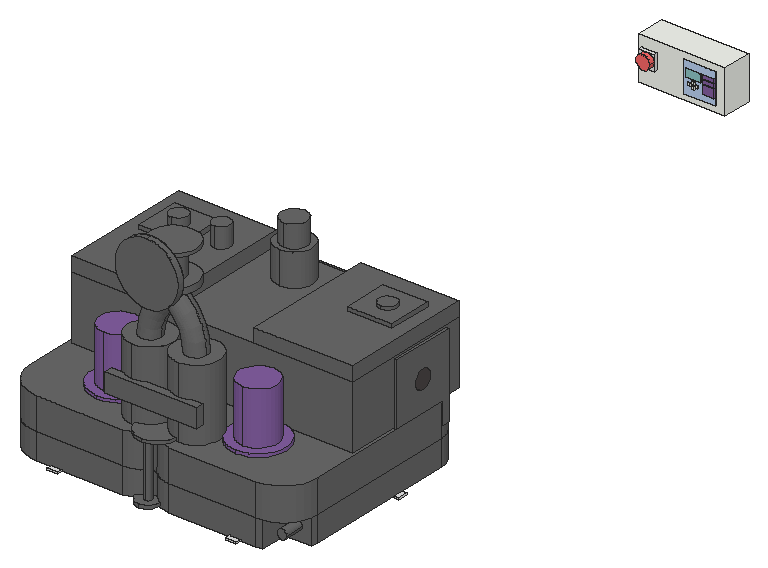
Revit family "11083", category Generic Models, Revit 2021
Family settings
  Can host rebar = No
  Round Connector Dimension = Use Diameter
  Part Type = Normal
  Work Plane-Based = No
  Always vertical = Yes
  Cut with Voids When Loaded = No
  Shared = Yes
  Room Calculation Point = No
Parameters (values of type "11083")
  SUPPLIER = "KESSEL"
  SA700ID49 = "Protection Class I"
  SA700ID48 = "no"
  SA700ID47 = "no"
  SA700ID46 = "yes"
  SA700ID37 = 28000 mm
  SA700ID34 = 60
  SA700ID33 = 5.7 W
  SA700ID32 = 228.88 kg
  SA700ID31 = 1
  SA700ID30 = 2
  SA700ID29 = "GLRD"
  SA700ID21 = 2800
  SA700ID10 = "yes"
  SA700ID08 = 400 V
  PROCUREWEBLINK = "https://p.caden.as/kessel/11083"
  PROCURELINK = "p.caden.as/kessel/11083"
  PROCUREDATALASTUPDATE = "2024-05-22T12:17:57.229003641+01:00"
  PREVIEW = "../../bilder/ksb_w_11083.png"
  PRC_SPECIFICATIONLINK = "https://ausschreiben.de/catalog/kessel/catalogItem/d4e334e6-ecf2-4788-b173-9f2cda982e19"
  NN = "Lifting station Aqualift F XL"
  NBSYN = "$SA810ID03."
  NB = "11083"
  Model = "11083"
  Manufacturer = "KESSEL"
  MIdent = "{$CADENAS_DATA/23d-libs/kessel/kessel_vdi_import/4/entwaesserung/hebeanlage20aqualift20f20xl.prj},201 {STYP=ASS},{VTYP=3D},{NB=11083},{LINA=11083},{NN=Lifting station Aqualift F XL},{DATE=21.11.2022 10:48:11},{GEOMDATE=21.11.2022 10:48:11},{VERSION=},{LINEID=130},{WBVAR=LODLEVEL},{WBNUMERIC=LODLEVEL}  {NB=11083},{LINA=11083},{KT=DUMMY},{PREVIEW=../../bilder/ksb_w_11083.png},{SA700ID04=Hebeanlage Aqualift F XL 450 l, Duo, SPF 5500- S3, Gussschieber},{SA810ID06=04026092057506},{SA700ID34=60.00},{SA010ID03=201805},{SA810ID03=11083},{SA810ID10=Aqualift F XL 5500W-S3 Duo 450L m.S.G.KESSEL Aqualift F XL Hebeanlage für fäkalienhaltiges und fäkalienfreies Abwasser. Zur Aufstellung in frostgeschützten Räumen.Duoanlage mit zwei Pumpen des Typs SPF 5500-S3 Sammelbehälter aus Polyethylen, mit verschraubter Reinigungsöffnung,Anschlussstutzen für Zulauf von oben DN100/150.Inklusive Tauchrohr zur pneumatischen Niveauerfassung,Entlüftungsanschluss DN 70 und Anschluss für eine Handmembranpumpe DN 32.Behälter inklusive Haltewinkel zur Auftriebssicherung.Behältervolumen 450 Liter, max. Nutzvolumen bei Zulauf von oben ca. 250 Liter.Zwei seitliche und drei rückseitige Anbohrflächen zur Montage weiterer Zuläufe bis DN 200 unter Verwendung von Durchgangsdichtungen.Inklusive KESSEL Schaltgerät Aqualift Comfort 400 V.Anwenderfreundliche Menüführung im mehrzeiligem Display. MitSelbstdiagnosesystem (SDS) und Erinnerungsfunktion für nächste Wartung.Anzeige der aktuellen Messwerte. Einfache Einstellung derfunktionsrelevanten Parameter, inklusive Betriebsstundenzähler und potentialfreiem Kontakt. Optionale Weiterleitung von Alarm- und Sammelstörmeldung über GSM Schnittstelle.Schaltgerät mit Volltextanzeige in sechs Sprachen.Abwasserpumpe(n) mit Freistromrad zur Förderung von fäkalienfreiem und fäkalienhaltigem Abwasser gemäß DIN EN 12050-1. Freier Kugeldurchgang mindestens 40 mm. Pumpe(n) überflutungssicher.Inklusive Rückflussverhinderer, mit Druckabgang aus Grauguss DN 80. nach DIN 2501. Inklusive einem Absperrschieber.Pumpe(n) Typ SPF 5500-S3Fördermenge: max. 60 m³/hFörderhöhe: max. 28 mNennleistung (P2): 4,7 KW je PumpeAufnahmeleistung (P1):  5,7 KW je PumpeBetriebsspannung: 400 V DSNennfrequenz: 50 HzNennstrom: 9,1 AAbsicherung: 3 x 40 A trägeSchutzart (Pumpe): IP68 3mWS/48hSchutzart (Schaltgerät): IP 65Bertiebsart: S3 (30 % Einschaltdauer)Kabellänge: 5 mAußenmaße Anlage mit 450 Liter Behälter (BxTxH): 1260 x 960 x 770 mmGewicht ca. 228,88 kg},{SA700ID37=28.00},{SA700ID33=5.70},{SA700ID08=400},{SA700ID30=2},{SA700ID32=228.88},{SA700ID49=Schutzklasse I},{SA700ID50=intern},{SA200ID03=6},{SA250ID03=vertikal},{SA260ID03=Trockenläuferpumpe},{SA350ID03=normalansaugend},{SA400ID03=E-Motor für Drehstrom},{SA460ID03=direkt},{SA500ID03=Kunststoff, Edelstahl},{SA700ID06=80},{SA700ID07=100},{SA700ID09=3/N/PE 400V},{SA700ID10=Ja},{SA700ID11=50},{SA700ID12=IP 68},{SA700ID13=F},{SA700ID15=40},{SA700ID21=2800.00},{SA700ID22=4.80},{SA700ID23=2800},{SA700ID24=2800},{SA700ID26=9.10},{SA700ID27=68.00},{SA700ID28=durchgehend},{SA700ID29=GLRD},{SA700ID31=1},{SA700ID46=ja},{SA700ID47=nein},{SA700ID48=nein},{SA110ID04=Hebeanlage Aqualift F XL},{SA300ID03=einstufig},{SA700ID44=10.00},{SA700ID45=10.00},{SA010ID04=KESSEL AG},{LODLEVEL=200},{LINK=https://www.kessel.de/info?han=11083},{SA970ID01=970},{SA970ID02=7205},{SA970ID03=11083},{SA970ID04=11002617},{SA970ID05=QUAD},{SA970ID06=-655.51},{SA970ID07=-850.01},{SA970ID08=0},{SA970ID09=1},{SA970ID10=0},{SA970ID11=0},{SA970ID12=0},{SA970ID13=1},{SA970ID14=0},{SA970ID15=1311.02},{SA970ID16=1000.01},{SA970ID17=1037.75},{LODLEVEL_=200,'Low'},{LODLEVEL_DEU=200,'Low'},{LINK_=https://www.kessel.de/info?han=11083},{LINK_DEU=https://www.kessel.de/info?han=11083},{LODLEVEL_3DB=11083_200},{DNIN1=100},{DNIN2=70},{DNIN4=10},{DNIN5=10},{DNIN6=50},{DNIN7=50},{DNIN8=50},{DNIN9=50},{DNOUT1=32},{DNOUT2=100},{DNOUT3=70},{ISD1=96},{ISD2=10},{ISDOUT1=40},{ISDOUT2=85},{ISDOUT3=65},{SA010ID01=010},{SA010ID02=4},{SA010ID06=www.kessel.de},{SA010ID07=www.kessel.de},{SA010ID12=20180713},{SA010ID13=DEU},{SA010ID14=DE},{SA100ID01=100},{SA100ID02=4},{SA100ID04=Entwässerung},{SA110ID01=110},{SA110ID02=6},{SA200ID01=200},{SA200ID02=6},{SA250ID01=250},{SA250ID02=2},{SA260ID01=260},{SA260ID02=2},{SA300ID01=300},{SA300ID02=1},{SA350ID01=350},{SA350ID02=1},{SA400ID01=400},{SA400ID02=2},{SA460ID01=460},{SA460ID02=1},{SA500ID01=500},{SA500ID02=1},{SA700ID01=700},{SA700ID02=65},{SA700ID10_=1},{SA700ID16=0},{SA700ID25=0},{SA700ID46_=1},{SA700ID47_=0},{SA700ID48_=0},{SA700ID49_=1},{SA700ID50_=2},{SA800ID01=800},{SA800ID02=29},{SA810ID01=810},{SA810ID02=65},{SA810ID04=11083},{SA810ID07=65},{SA810ID09=1},{SA810ID14=PCE},{SA810ID15=1},{SA810ID16=NMP},{SA960ID03=65},{SA960ID04=3L},{SA960ID08=https://www.kessel.de/info?han=11083},{SA010ID08=4026092000007},{SA100ID05=Hebeanlage},{SA110ID06=Hebeanlage}"
  LINK = "https://www.kessel.de/info?han=11083"
  LINA = "11083"
  Default Elevation = 0 mm
  CREATOR = "CADENAS GmbH"
  CATALOG = "KESSEL"
  BOMINFO = "LINA"
  ARTICLENO = "NB"
  4.810.00.9 Order quantity (multiplicator) = "1"
  4.810.00.7 Media- connection number = "65"
  4.810.00.6 GTIN number = "04026092057506"
  4.810.00.4 DATANORM number = "11083"
  4.810.00.3 Producer order number = "11083"
  4.710.03.7 Mass (net) = 228.88 kg
  4.710.03.6 Height = 1027 mm
  4.710.03.5 Width = 1089 mm
  4.710.03.4 Length = 1260 mm
  4.710.03.3 Type of dimensions = "2"
  4.710.02.8 Area of application of wastewater pump = "1"
  4.710.02.7 Art des S2/S3-Betriebs = "30 %"
  4.710.02.6 Duty type = "S3"
  4.710.02.5 Cutting device = "0"
  4.710.02.4 Attached pump control = "1"
  4.710.02.3 Free passage = 40 mm
  4.710.01.6 Option to connect to building automation = "40"
  4.710.01.5 Load regulation = "0"
  4.710.01.4 Designation of closed-loop control = "250"
  4.710.01.3 Identifier for closed-loop control = "450"
  4.700.00.9 Voltage = 0
  4.700.00.8 Nominal connection size on suction side = "100"
  4.700.00.7 Nominal connection size on pressure side = "100"
  4.700.00.6 Type of connection = "80"
  4.700.00.4 Product indentification = "Hebeanlage Aqualift F XL 450 l, Duo, SPF 5500- S3, Gussschieber"
  4.700.00.28 Motor pump shaft = "durchgehend"
  4.700.00.27 Starting current = 68
  4.700.00.26 Maximum power consumption per pump / drive = 9.1
  4.700.00.25 Minimum speed at internal speed adjustment = 0
  4.700.00.24 Nominal speed / maximum speed n = 46.6667
  4.700.00.23 Nominal speed of motor = 46.6667
  4.700.00.22 Maximum shaft output (P2) per pump/drive = 4.8 W
  4.700.00.16 Maximum temperature of pumped medium = 0 °C
  4.700.00.15 Increased safety class = "40 °C"
  4.700.00.13 Type of protection = "F"
  4.700.00.12 Frequency = 0
  4.700.00.11 Stern-/Dreieck-Anlaufschaltung bei Dreiphasenanschluss oder Drehstrom = "50 Hz"
  4.700.00.10 Phase = "1"
  4.500.00.3 Variant / Variant type / Accessories-name = "Kunststoff, Edelstahl"
  4.460.00.3 Variant / Variant type / Accessories-name = "direkt"
  4.400.00.3 Variant / Variant type / Accessories-name = "E-Motor für Drehstrom"
  4.350.00.3 Variant / Variant type / Accessories-name = "normalansaugend"
  4.300.00.3 Variant / Variant type / Accessories-name = "einstufig"
  4.260.00.3 Variant / Variant type / Accessories-name = "Trockenläuferpumpe"
  4.250.00.3 Variant / Variant type / Accessories-name = "vertikal"
  4.200.00.3 Variant / Variant type / Accessories-name = "6"
  4.110.00.6 Product classification = "Hebeanlage"
  4.110.00.4 Product indentification = "Hebeanlage Aqualift F XL"
  4.100.00.5 Main groups of wares = "Hebeanlage"
  4.100.00.4 Product indentification = "Entwässerung"
  4.010.00.8 Producer ID number = "4026092000007"
  4.010.00.7 Comment = "www.kessel.de"
  4.010.00.6 Web address of the manufacturer = "www.kessel.de"
  4.010.00.4 Manufacturer name = "KESSEL AG"
  4.010.00.3 Date of issuance (month) of guideline = "201805"
  4.010.00.2 Sheet number of the guideline = "4"
  4.010.00.14 Kennungen der Projektländer, für die die Datei gültig ist = "DE"
  4.010.00.13 Sprache der Datei = "DEU"
  4.010.00.12 Stand des Herstellerkatalogs = "20180713"
Reference planes
  plane 1 "Center (Front/Back)": y = 0
  plane 2: z = 0
  plane 3 "Center (Left/Right)": x = 0
Dimensions and locks
  aligned and locked: level to plane 2
Nested families
  nested 1: "11083_content" at (0, 0, 0), type "11083_Content"
  nested 2: "11083_part1_X0Y0" at (1000, 1000, 1200), type "11083_PART1_X0Y0"
  nested 3: "11083_part2_X0Y0" at (0, 0, 0), type "11083_PART2_X0Y0"
Connectors
  electrical at (861, 933, 1201.5)
    settings: on nested 2, index 1, voltage 0 V, apparent load 0 VA, apparent load phase1 0 VA, apparent load phase2 0 VA, apparent load phase3 0 VA, power factor 1, load classification "Other", number of poles 1, system type 31, power factor state 1, is connector primary yes, connector utility no, sub classification motor no, connector description ""
  piping at (0, 0, 771), diameter 100
    settings: on nested 3, index 2, connector inside diameter 609.6 mm, connector length 0 mm, flow factor 0, pipe flow 0.0 L/s, pressure drop 0.0 Pa, fitting loss kfactor 0, connector angle 0.00°, fixture units 0, engagement length 0 mm, angle of deflection 0.00°, flow configuration 0, flow direction 1, fitting loss method 2, system type 8, joint type 0, gender type 0, connector reference index -1, connector utility 0, adjustable connector no, is connector primary yes, connector description ""
  piping at (631, -85, 392), diameter 70
    settings: on nested 3, index 3, connector inside diameter 609.6 mm, connector length 0 mm, flow factor 0, pipe flow 0.0 L/s, pressure drop 0.0 Pa, fitting loss kfactor 0, connector angle 0.00°, fixture units 0, engagement length 0 mm, angle of deflection 0.00°, flow configuration 0, flow direction 0, fitting loss method 2, system type 8, joint type 0, gender type 0, connector reference index -1, connector utility 0, adjustable connector no, is connector primary no, connector description ""
  piping at (358.7, 150.5, 392), diameter 70
    settings: on nested 3, index 4, connector inside diameter 609.6 mm, connector length 0 mm, flow factor 0, pipe flow 0.0 L/s, pressure drop 0.0 Pa, fitting loss kfactor 0, connector angle 0.00°, fixture units 0, engagement length 0 mm, angle of deflection 0.00°, flow configuration 0, flow direction 0, fitting loss method 2, system type 8, joint type 0, gender type 0, connector reference index -1, connector utility 0, adjustable connector no, is connector primary no, connector description ""
  piping at (0, 150.5, 392), diameter 70
    settings: on nested 3, index 5, connector inside diameter 609.6 mm, connector length 0 mm, flow factor 0, pipe flow 0.0 L/s, pressure drop 0.0 Pa, fitting loss kfactor 0, connector angle 0.00°, fixture units 0, engagement length 0 mm, angle of deflection 0.00°, flow configuration 0, flow direction 0, fitting loss method 2, system type 8, joint type 0, gender type 0, connector reference index -1, connector utility 0, adjustable connector no, is connector primary no, connector description ""
  piping at (-357.7, 150.5, 392), diameter 70
    settings: on nested 3, index 6, connector inside diameter 609.6 mm, connector length 0 mm, flow factor 0, pipe flow 0.0 L/s, pressure drop 0.0 Pa, fitting loss kfactor 0, connector angle 0.00°, fixture units 0, engagement length 0 mm, angle of deflection 0.00°, flow configuration 0, flow direction 0, fitting loss method 2, system type 8, joint type 0, gender type 0, connector reference index -1, connector utility 0, adjustable connector no, is connector primary no, connector description ""
  piping at (-630.5, -85, 392), diameter 70
    settings: on nested 3, index 7, connector inside diameter 609.6 mm, connector length 0 mm, flow factor 0, pipe flow 0.0 L/s, pressure drop 0.0 Pa, fitting loss kfactor 0, connector angle 0.00°, fixture units 0, engagement length 0 mm, angle of deflection 0.00°, flow configuration 0, flow direction 0, fitting loss method 2, system type 8, joint type 0, gender type 0, connector reference index -1, connector utility 0, adjustable connector no, is connector primary no, connector description ""
  piping at (0, -660, 970), diameter 100
    settings: on nested 3, index 8, connector inside diameter 609.6 mm, connector length 0 mm, flow factor 0, pipe flow 0.0 L/s, pressure drop 0.0 Pa, fitting loss kfactor 0, connector angle 0.00°, fixture units 0, engagement length 0 mm, angle of deflection 0.00°, flow configuration 0, flow direction 2, fitting loss method 2, system type 7, joint type 0, gender type 0, connector reference index -1, connector utility 0, adjustable connector no, is connector primary no, connector description ""
  piping at (-270, -60, 681), diameter 70
    settings: on nested 3, index 9, connector inside diameter 609.6 mm, connector length 0 mm, flow factor 0, pipe flow 0.0 L/s, pressure drop 0.0 Pa, fitting loss kfactor 0, connector angle 0.00°, fixture units 0, engagement length 0 mm, angle of deflection 0.00°, flow configuration 0, flow direction 2, fitting loss method 2, system type 7, joint type 0, gender type 0, connector reference index -1, connector utility 0, adjustable connector no, is connector primary no, connector description ""
  piping at (565, -772.67, 61), diameter 32
    settings: on nested 3, index 10, connector inside diameter 609.6 mm, connector length 0 mm, flow factor 0, pipe flow 0.0 L/s, pressure drop 0.0 Pa, fitting loss kfactor 0, connector angle 0.00°, fixture units 0, engagement length 0 mm, angle of deflection 0.00°, flow configuration 0, flow direction 2, fitting loss method 2, system type 7, joint type 0, gender type 0, connector reference index -1, connector utility 0, adjustable connector no, is connector primary no, connector description ""
  electrical at (304.25, -577, 499.4)
    settings: on nested 3, index 11, voltage 0 V, apparent load 0 VA, apparent load phase1 0 VA, apparent load phase2 0 VA, apparent load phase3 0 VA, power factor 1, load classification "Other", number of poles 1, system type 31, power factor state 1, is connector primary no, connector utility no, sub classification motor no, connector description ""
  electrical at (-304.25, -577, 499.4)
    settings: on nested 3, index 12, voltage 0 V, apparent load 0 VA, apparent load phase1 0 VA, apparent load phase2 0 VA, apparent load phase3 0 VA, power factor 1, load classification "Other", number of poles 1, system type 31, power factor state 1, is connector primary no, connector utility no, sub classification motor no, connector description ""
  electrical at (-457.5, -59.5, 650)
    settings: on nested 3, index 13, voltage 0 V, apparent load 0 VA, apparent load phase1 0 VA, apparent load phase2 0 VA, apparent load phase3 0 VA, power factor 1, load classification "Other", number of poles 1, system type 31, power factor state 1, is connector primary no, connector utility no, sub classification motor no, connector description ""
Definition of nested family "11083_part1_X0Y0"
  Parameters (values of type "11083_PART1_X0Y0")
    SUPPLIER = "KESSEL"
    SA700ID49 = "Protection Class I"
    SA700ID48 = "no"
    SA700ID47 = "no"
    SA700ID46 = "yes"
    SA700ID37 = 28000 mm
    SA700ID34 = 60
    SA700ID33 = 5.7 W
    SA700ID32 = 228.88 kg
    SA700ID31 = 1
    SA700ID30 = 2
    SA700ID29 = "GLRD"
    SA700ID21 = 2800
    SA700ID10 = "yes"
    SA700ID08 = 400 V
    PREVIEW = "../../bilder/ksb_w_11083.png"
    NBSYN = "$SA810ID03._PART1"
    NB = "11083_PART1"
    Model = "11083_PART1"
    Manufacturer = "KESSEL"
    MIdent = "{$CADENAS_DATA/23d-libs/kessel/kessel_vdi_import/4/entwaesserung/hebeanlage20aqualift20f20xl.prj},221 {VTYP=3D},{NB=11083_PART1},{LINA=11083_PART1},{NN=Lifting station Aqualift F XL_PART1},{NOPRJ=TRUE},{DATE=21.11.2022 10:48:11},{GEOMDATE=21.11.2022 10:48:11},{VERSION=},{LINEID=130},{WBVAR=LODLEVEL},{WBNUMERIC=LODLEVEL}  {NB=11083_PART1},{LINA=11083_PART1},{KT=DUMMY},{PREVIEW=../../bilder/ksb_w_11083.png},{SA700ID04=Hebeanlage Aqualift F XL 450 l, Duo, SPF 5500- S3, Gussschieber},{SA810ID06=04026092057506},{SA700ID34=60.00},{SA010ID03=201805},{SA810ID03=11083},{SA810ID10=Aqualift F XL 5500W-S3 Duo 450L m.S.G.KESSEL Aqualift F XL Hebeanlage für fäkalienhaltiges und fäkalienfreies Abwasser. Zur Aufstellung in frostgeschützten Räumen.Duoanlage mit zwei Pumpen des Typs SPF 5500-S3 Sammelbehälter aus Polyethylen, mit verschraubter Reinigungsöffnung,Anschlussstutzen für Zulauf von oben DN100/150.Inklusive Tauchrohr zur pneumatischen Niveauerfassung,Entlüftungsanschluss DN 70 und Anschluss für eine Handmembranpumpe DN 32.Behälter inklusive Haltewinkel zur Auftriebssicherung.Behältervolumen 450 Liter, max. Nutzvolumen bei Zulauf von oben ca. 250 Liter.Zwei seitliche und drei rückseitige Anbohrflächen zur Montage weiterer Zuläufe bis DN 200 unter Verwendung von Durchgangsdichtungen.Inklusive KESSEL Schaltgerät Aqualift Comfort 400 V.Anwenderfreundliche Menüführung im mehrzeiligem Display. MitSelbstdiagnosesystem (SDS) und Erinnerungsfunktion für nächste Wartung.Anzeige der aktuellen Messwerte. Einfache Einstellung derfunktionsrelevanten Parameter, inklusive Betriebsstundenzähler und potentialfreiem Kontakt. Optionale Weiterleitung von Alarm- und Sammelstörmeldung über GSM Schnittstelle.Schaltgerät mit Volltextanzeige in sechs Sprachen.Abwasserpumpe(n) mit Freistromrad zur Förderung von fäkalienfreiem und fäkalienhaltigem Abwasser gemäß DIN EN 12050-1. Freier Kugeldurchgang mindestens 40 mm. Pumpe(n) überflutungssicher.Inklusive Rückflussverhinderer, mit Druckabgang aus Grauguss DN 80. nach DIN 2501. Inklusive einem Absperrschieber.Pumpe(n) Typ SPF 5500-S3Fördermenge: max. 60 m³/hFörderhöhe: max. 28 mNennleistung (P2): 4,7 KW je PumpeAufnahmeleistung (P1):  5,7 KW je PumpeBetriebsspannung: 400 V DSNennfrequenz: 50 HzNennstrom: 9,1 AAbsicherung: 3 x 40 A trägeSchutzart (Pumpe): IP68 3mWS/48hSchutzart (Schaltgerät): IP 65Bertiebsart: S3 (30 % Einschaltdauer)Kabellänge: 5 mAußenmaße Anlage mit 450 Liter Behälter (BxTxH): 1260 x 960 x 770 mmGewicht ca. 228,88 kg},{SA700ID37=28.00},{SA700ID33=5.70},{SA700ID08=400},{SA700ID30=2},{SA700ID32=228.88},{SA700ID49=Schutzklasse I},{SA700ID50=intern},{SA200ID03=6},{SA250ID03=vertikal},{SA260ID03=Trockenläuferpumpe},{SA350ID03=normalansaugend},{SA400ID03=E-Motor für Drehstrom},{SA460ID03=direkt},{SA500ID03=Kunststoff, Edelstahl},{SA700ID06=80},{SA700ID07=100},{SA700ID09=3/N/PE 400V},{SA700ID10=Ja},{SA700ID11=50},{SA700ID12=IP 68},{SA700ID13=F},{SA700ID15=40},{SA700ID21=2800.00},{SA700ID22=4.80},{SA700ID23=2800},{SA700ID24=2800},{SA700ID26=9.10},{SA700ID27=68.00},{SA700ID28=durchgehend},{SA700ID29=GLRD},{SA700ID31=1},{SA700ID46=ja},{SA700ID47=nein},{SA700ID48=nein},{SA110ID04=Hebeanlage Aqualift F XL},{SA300ID03=einstufig},{SA700ID44=10.00},{SA700ID45=10.00},{SA010ID04=KESSEL AG},{LODLEVEL=200},{LINK=https://www.kessel.de/info?han=11083},{SA970ID01=970},{SA970ID02=7205},{SA970ID03=11083},{SA970ID04=11002617},{SA970ID05=QUAD},{SA970ID06=-655.51},{SA970ID07=-850.01},{SA970ID08=0},{SA970ID09=1},{SA970ID10=0},{SA970ID11=0},{SA970ID12=0},{SA970ID13=1},{SA970ID14=0},{SA970ID15=1311.02},{SA970ID16=1000.01},{SA970ID17=1037.75},{LODLEVEL_=200,'Low'},{LODLEVEL_DEU=200,'Low'},{LINK_=https://www.kessel.de/info?han=11083},{LINK_DEU=https://www.kessel.de/info?han=11083},{LODLEVEL_3DB=11083_200},{DNIN1=100},{DNIN2=70},{DNIN4=10},{DNIN5=10},{DNIN6=50},{DNIN7=50},{DNIN8=50},{DNIN9=50},{DNOUT1=32},{DNOUT2=100},{DNOUT3=70},{ISD1=96},{ISD2=10},{ISDOUT1=40},{ISDOUT2=85},{ISDOUT3=65},{SA010ID01=010},{SA010ID02=4},{SA010ID06=www.kessel.de},{SA010ID07=www.kessel.de},{SA010ID12=20180713},{SA010ID13=DEU},{SA010ID14=DE},{SA100ID01=100},{SA100ID02=4},{SA100ID04=Entwässerung},{SA110ID01=110},{SA110ID02=6},{SA200ID01=200},{SA200ID02=6},{SA250ID01=250},{SA250ID02=2},{SA260ID01=260},{SA260ID02=2},{SA300ID01=300},{SA300ID02=1},{SA350ID01=350},{SA350ID02=1},{SA400ID01=400},{SA400ID02=2},{SA460ID01=460},{SA460ID02=1},{SA500ID01=500},{SA500ID02=1},{SA700ID01=700},{SA700ID02=65},{SA700ID10_=1},{SA700ID16=0},{SA700ID25=0},{SA700ID46_=1},{SA700ID47_=0},{SA700ID48_=0},{SA700ID49_=1},{SA700ID50_=2},{SA800ID01=800},{SA800ID02=29},{SA810ID01=810},{SA810ID02=65},{SA810ID04=11083},{SA810ID07=65},{SA810ID09=1},{SA810ID14=PCE},{SA810ID15=1},{SA810ID16=NMP},{SA960ID03=65},{SA960ID04=3L},{SA960ID08=https://www.kessel.de/info?han=11083},{SA010ID08=4026092000007},{SA100ID05=Hebeanlage},{SA110ID06=Hebeanlage}"
    LINK = "https://www.kessel.de/info?han=11083"
    LINA = "11083_PART1"
    Default Elevation = 1219.2 mm
    CREATOR = "CADENAS GmbH"
    CATALOG = "KESSEL"
    BOMINFO = "LINA"
    ARTICLENO = "NB"
    4.810.00.9 Order quantity (multiplicator) = "1"
    4.810.00.7 Media- connection number = "65"
    4.810.00.6 GTIN number = "04026092057506"
    4.810.00.4 DATANORM number = "11083"
    4.810.00.3 Producer order number = "11083"
    4.710.03.7 Mass (net) = 228.88 kg
    4.710.03.6 Height = 1027 mm
    4.710.03.5 Width = 1089 mm
    4.710.03.4 Length = 1260 mm
    4.710.03.3 Type of dimensions = "2"
    4.710.02.8 Area of application of wastewater pump = "1"
    4.710.02.7 Art des S2/S3-Betriebs = "30 %"
    4.710.02.6 Duty type = "S3"
    4.710.02.5 Cutting device = "0"
    4.710.02.4 Attached pump control = "1"
    4.710.02.3 Free passage = 40 mm
    4.710.01.6 Option to connect to building automation = "40"
    4.710.01.5 Load regulation = "0"
    4.710.01.4 Designation of closed-loop control = "250"
    4.710.01.3 Identifier for closed-loop control = "450"
    4.700.00.9 Voltage = 0
    4.700.00.8 Nominal connection size on suction side = "100"
    4.700.00.7 Nominal connection size on pressure side = "100"
    4.700.00.6 Type of connection = "80"
    4.700.00.4 Product indentification = "Hebeanlage Aqualift F XL 450 l, Duo, SPF 5500- S3, Gussschieber"
    4.700.00.28 Motor pump shaft = "durchgehend"
    4.700.00.27 Starting current = 68
    4.700.00.26 Maximum power consumption per pump / drive = 9.1
    4.700.00.25 Minimum speed at internal speed adjustment = 0
    4.700.00.24 Nominal speed / maximum speed n = 46.6667
    4.700.00.23 Nominal speed of motor = 46.6667
    4.700.00.22 Maximum shaft output (P2) per pump/drive = 4.8 W
    4.700.00.16 Maximum temperature of pumped medium = 0 °C
    4.700.00.15 Increased safety class = "40 °C"
    4.700.00.13 Type of protection = "F"
    4.700.00.12 Frequency = 0
    4.700.00.11 Stern-/Dreieck-Anlaufschaltung bei Dreiphasenanschluss oder Drehstrom = "50 Hz"
    4.700.00.10 Phase = "1"
    4.500.00.3 Variant / Variant type / Accessories-name = "Kunststoff, Edelstahl"
    4.460.00.3 Variant / Variant type / Accessories-name = "direkt"
    4.400.00.3 Variant / Variant type / Accessories-name = "E-Motor für Drehstrom"
    4.350.00.3 Variant / Variant type / Accessories-name = "normalansaugend"
    4.300.00.3 Variant / Variant type / Accessories-name = "einstufig"
    4.260.00.3 Variant / Variant type / Accessories-name = "Trockenläuferpumpe"
    4.250.00.3 Variant / Variant type / Accessories-name = "vertikal"
    4.200.00.3 Variant / Variant type / Accessories-name = "6"
    4.110.00.6 Product classification = "Hebeanlage"
    4.110.00.4 Product indentification = "Hebeanlage Aqualift F XL"
    4.100.00.5 Main groups of wares = "Hebeanlage"
    4.100.00.4 Product indentification = "Entwässerung"
    4.010.00.8 Producer ID number = "4026092000007"
    4.010.00.7 Comment = "www.kessel.de"
    4.010.00.6 Web address of the manufacturer = "www.kessel.de"
    4.010.00.4 Manufacturer name = "KESSEL AG"
    4.010.00.3 Date of issuance (month) of guideline = "201805"
    4.010.00.2 Sheet number of the guideline = "4"
    4.010.00.14 Kennungen der Projektländer, für die die Datei gültig ist = "DE"
    4.010.00.13 Sprache der Datei = "DEU"
    4.010.00.12 Stand des Herstellerkatalogs = "20180713"
  Reference planes
    plane 1 "Center (Front/Back)": y = 0
    plane 2: z = 0
    plane 3 "Center (Left/Right)": x = 0
  Dimensions and locks
    aligned and locked: level to plane 2
  Nested families
    nested 1: "11083_part1_content" at (0, 0, 0), type "11083_PART1_Content"
  Definition of nested family "11083_part1_content"
    Parameters (values of type "11083_PART1_Content")
      SUPPLIER = "KESSEL"
      SA700ID49 = "Protection Class I"
      SA700ID48 = "no"
      SA700ID47 = "no"
      SA700ID46 = "yes"
      SA700ID37 = 28000 mm
      SA700ID34 = 60
      SA700ID33 = 5.7 W
      SA700ID32 = 228.88 kg
      SA700ID31 = 1
      SA700ID30 = 2
      SA700ID29 = "GLRD"
      SA700ID21 = 2800
      SA700ID10 = "yes"
      SA700ID08 = 400 V
      PREVIEW = "../../bilder/ksb_w_11083.png"
      NBSYN = "$SA810ID03._PART1"
      NB = "11083_PART1"
      Model = "11083_PART1"
      Manufacturer = "KESSEL"
      LINK = "https://www.kessel.de/info?han=11083"
      LINA = "11083_PART1"
      Default Elevation = 1219.2 mm
      CREATOR = "CADENAS GmbH"
      CATALOG = "KESSEL"
      BOMINFO = "LINA"
      ARTICLENO = "NB"
      4.810.00.9 Order quantity (multiplicator) = "1"
      4.810.00.7 Media- connection number = "65"
      4.810.00.6 GTIN number = "04026092057506"
      4.810.00.4 DATANORM number = "11083"
      4.810.00.3 Producer order number = "11083"
      4.710.03.7 Mass (net) = 228.88 kg
      4.710.03.6 Height = 1027 mm
      4.710.03.5 Width = 1089 mm
      4.710.03.4 Length = 1260 mm
      4.710.03.3 Type of dimensions = "2"
      4.710.02.8 Area of application of wastewater pump = "1"
      4.710.02.7 Art des S2/S3-Betriebs = "30 %"
      4.710.02.6 Duty type = "S3"
      4.710.02.5 Cutting device = "0"
      4.710.02.4 Attached pump control = "1"
      4.710.02.3 Free passage = 40 mm
      4.710.01.6 Option to connect to building automation = "40"
      4.710.01.5 Load regulation = "0"
      4.710.01.4 Designation of closed-loop control = "250"
      4.710.01.3 Identifier for closed-loop control = "450"
      4.700.00.9 Voltage = 0
      4.700.00.8 Nominal connection size on suction side = "100"
      4.700.00.7 Nominal connection size on pressure side = "100"
      4.700.00.6 Type of connection = "80"
      4.700.00.4 Product indentification = "Hebeanlage Aqualift F XL 450 l, Duo, SPF 5500- S3, Gussschieber"
      4.700.00.28 Motor pump shaft = "durchgehend"
      4.700.00.27 Starting current = 68
      4.700.00.26 Maximum power consumption per pump / drive = 9.1
      4.700.00.25 Minimum speed at internal speed adjustment = 0
      4.700.00.24 Nominal speed / maximum speed n = 46.6667
      4.700.00.23 Nominal speed of motor = 46.6667
      4.700.00.22 Maximum shaft output (P2) per pump/drive = 4.8 W
      4.700.00.16 Maximum temperature of pumped medium = 0 °C
      4.700.00.15 Increased safety class = "40 °C"
      4.700.00.13 Type of protection = "F"
      4.700.00.12 Frequency = 0
      4.700.00.11 Stern-/Dreieck-Anlaufschaltung bei Dreiphasenanschluss oder Drehstrom = "50 Hz"
      4.700.00.10 Phase = "1"
      4.500.00.3 Variant / Variant type / Accessories-name = "Kunststoff, Edelstahl"
      4.460.00.3 Variant / Variant type / Accessories-name = "direkt"
      4.400.00.3 Variant / Variant type / Accessories-name = "E-Motor für Drehstrom"
      4.350.00.3 Variant / Variant type / Accessories-name = "normalansaugend"
      4.300.00.3 Variant / Variant type / Accessories-name = "einstufig"
      4.260.00.3 Variant / Variant type / Accessories-name = "Trockenläuferpumpe"
      4.250.00.3 Variant / Variant type / Accessories-name = "vertikal"
      4.200.00.3 Variant / Variant type / Accessories-name = "6"
      4.110.00.6 Product classification = "Hebeanlage"
      4.110.00.4 Product indentification = "Hebeanlage Aqualift F XL"
      4.100.00.5 Main groups of wares = "Hebeanlage"
      4.100.00.4 Product indentification = "Entwässerung"
      4.010.00.8 Producer ID number = "4026092000007"
      4.010.00.7 Comment = "www.kessel.de"
      4.010.00.6 Web address of the manufacturer = "www.kessel.de"
      4.010.00.4 Manufacturer name = "KESSEL AG"
      4.010.00.3 Date of issuance (month) of guideline = "201805"
      4.010.00.2 Sheet number of the guideline = "4"
      4.010.00.14 Kennungen der Projektländer, für die die Datei gültig ist = "DE"
      4.010.00.13 Sprache der Datei = "DEU"
      4.010.00.12 Stand des Herstellerkatalogs = "20180713"
    Reference planes
      plane 1 "Center (Front/Back)": y = 0
      plane 2: z = 0
      plane 3 "Center (Left/Right)": x = 0
    Forms (mm)
      Extrusion 1, solid, detail levels medium+fine
        sketch origin (189.25, -1.75, 0.2) x (0, -1, 0) y (0, 0, 1)
          loop
            line (0, 187.8) -> (0, 0) -> (127.75, 0) -> (127.75, 187.8) -> (0, 187.8)
        from 0 to 378.5
      Extrusion 2, solid, detail levels medium+fine
        sketch origin (-4, -67, 0) x (0, 1, 0) y (-1, 0, 0)
          loop
            circle (0, 0) r 12.5
        from 0 to 1.5
      Extrusion 3, solid, detail levels medium+fine
        sketch origin (150.8, -129.5, 26.5) x (0, -1, 0) y (0, 0, 1)
          loop
            line (-1.2, 134.8) -> (-1.2, 0) -> (0.25, 0) -> (0.25, 134.8) -> (-1.2, 134.8)
        from 0 to 139.9
      Extrusion 4, solid, detail levels medium+fine
        sketch origin (72.55, -129.75, 66) x (0, -1, 0) y (0, 0, 1)
          loop
            line (-1, 12) -> (-1, 0) -> (0.5, 0) -> (0.5, 12) -> (-1, 12)
        from 0 to 12
      Extrusion 5, solid, detail levels medium+fine
        sketch origin (84.45, -129.75, 93.4) x (0, -1, 0) y (0, 0, 1)
          loop
            line (-1, 37) -> (-1, 0) -> (0.5, 0) -> (0.5, 37) -> (-1, 37)
        from 0 to 66
      Extrusion 6, solid, detail levels medium+fine
        sketch origin (55.3, -129.75, 74) x (0, -1, 0) y (0, 0, 1)
          loop
            line (-1, 12) -> (-1, 0) -> (0.5, 0) -> (0.5, 12) -> (-1, 12)
        from 0 to 12
      Extrusion 7, solid, detail levels medium+fine
        sketch origin (143.3, -129.75, 94.4) x (0, -1, 0) y (0, 0, 1)
          loop
            line (0, 16) -> (0, 0) -> (1.75, 0) -> (1.75, 16) -> (0, 16)
        from 0 to 51
      Extrusion 8, solid, detail levels medium+fine
        sketch origin (143.3, -129.75, 54.4) x (0, -1, 0) y (0, 0, 1)
          loop
            line (0, 36) -> (0, 0) -> (1.75, 0) -> (1.75, 36) -> (0, 36)
        from 0 to 51
      Extrusion 9, solid, detail levels medium+fine
        sketch origin (55.3, -129.75, 57.5) x (0, -1, 0) y (0, 0, 1)
          loop
            line (-1, 12) -> (-1, 0) -> (0.5, 0) -> (0.5, 12) -> (-1, 12)
        from 0 to 12
      Extrusion 10, solid, detail levels medium+fine
        sketch origin (143.3, -129.75, 114.4) x (0, -1, 0) y (0, 0, 1)
          loop
            line (0, 16) -> (0, 0) -> (1.75, 0) -> (1.75, 16) -> (0, 16)
        from 0 to 51
      Extrusion 11, solid, detail levels medium+fine
        sketch origin (38.05, -129.75, 66) x (0, -1, 0) y (0, 0, 1)
          loop
            line (-1, 12) -> (-1, 0) -> (0.5, 0) -> (0.5, 12) -> (-1, 12)
        from 0 to 12
      Extrusion 12, solid, detail levels medium+fine
        sketch origin (47, -72, 0) x (0, 1, 0) y (-1, 0, 0)
          loop
            circle (0, 0) r 8
        from 0 to 1.5
      Extrusion 13, solid, detail levels medium+fine
        sketch origin (47, -42, 0) x (0, 1, 0) y (-1, 0, 0)
          loop
            circle (0, 0) r 5.25
        from 0 to 1.5
      Extrusion 14, solid, detail levels medium+fine
        sketch origin (77, -72, 0) x (0, 1, 0) y (-1, 0, 0)
          loop
            circle (0, 0) r 8
        from 0 to 1.5
      Extrusion 15, solid, detail levels medium+fine
        sketch origin (-94, -67, 0) x (0, 1, 0) y (-1, 0, 0)
          loop
            circle (0, 0) r 12.5
        from 0 to 1.5
      Extrusion 16, solid, detail levels medium+fine
        sketch origin (92, -42, 0) x (0, 1, 0) y (-1, 0, 0)
          loop
            circle (0, 0) r 8
        from 0 to 1.5
      Extrusion 17, solid, detail levels medium+fine
        sketch origin (107, -72, 0) x (0, 1, 0) y (-1, 0, 0)
          loop
            circle (0, 0) r 8
        from 0 to 1.5
      Extrusion 18, solid, detail levels medium+fine
        sketch origin (122, -42, 0) x (0, 1, 0) y (-1, 0, 0)
          loop
            circle (0, 0) r 8
        from 0 to 1.5
      Extrusion 19, solid, detail levels medium+fine
        sketch origin (-107.7, -129.5, 76.9) x (0, -1, 0) y (0, 0, 1)
          loop
            line (0, 67) -> (0, 0) -> (14, 0) -> (14, 67) -> (0, 67)
        from 0 to 67
      Extrusion 20, solid, detail levels medium+fine
        sketch origin (-141.2, -143.5, 110.4) x (1, 0, 0) y (0, 0, 1)
          loop
            circle (0, 0) r 30
        from 0 to 22
      Extrusion 21, solid, detail levels medium+fine
        sketch origin (127, -15, 0) x (0, 1, 0) y (-1, 0, 0)
          loop
            circle (0, 0) r 6
        from 0 to 1.5
      Extrusion 22, solid, detail levels medium+fine
        sketch origin (137, -72, 0) x (0, 1, 0) y (-1, 0, 0)
          loop
            circle (0, 0) r 8
        from 0 to 1.5
      Extrusion 23, solid, detail levels medium+fine
        sketch origin (-139, -67, 0) x (0, 1, 0) y (-1, 0, 0)
          loop
            circle (0, 0) r 12.5
        from 0 to 1.5
      Extrusion 24, solid, detail levels medium+fine
        sketch origin (152, -42, 0) x (0, 1, 0) y (-1, 0, 0)
          loop
            circle (0, 0) r 8
        from 0 to 1.5
      Extrusion 25, solid, detail levels coarse
        sketch origin (0, -83.625, 0) x (1, 0, 0) y (0, 1, 0)
          loop
            line (-189.25, -81.875) -> (189.25, -81.875) -> (189.25, 81.875) -> (-189.25, 81.875) -> (-189.25, -81.875)
        from 0 to 188
    Dimensions and locks
      aligned and locked: level to plane 2
Definition of nested family "11083_part2_X0Y0"
  Parameters (values of type "11083_PART2_X0Y0")
    SUPPLIER = "KESSEL"
    SA700ID49 = "Protection Class I"
    SA700ID48 = "no"
    SA700ID47 = "no"
    SA700ID46 = "yes"
    SA700ID37 = 28000 mm
    SA700ID34 = 60
    SA700ID33 = 5.7 W
    SA700ID32 = 228.88 kg
    SA700ID31 = 1
    SA700ID30 = 2
    SA700ID29 = "GLRD"
    SA700ID21 = 2800
    SA700ID10 = "yes"
    SA700ID08 = 400 V
    PREVIEW = "../../bilder/ksb_w_11083.png"
    NBSYN = "$SA810ID03._PART2"
    NB = "11083_PART2"
    Model = "11083_PART2"
    Manufacturer = "KESSEL"
    MIdent = "{$CADENAS_DATA/23d-libs/kessel/kessel_vdi_import/4/entwaesserung/hebeanlage20aqualift20f20xl.prj},221 {VTYP=3D},{NB=11083_PART2},{LINA=11083_PART2},{NN=Lifting station Aqualift F XL_PART2},{NOPRJ=TRUE},{DATE=21.11.2022 10:48:11},{GEOMDATE=21.11.2022 10:48:11},{VERSION=},{LINEID=130},{WBVAR=LODLEVEL},{WBNUMERIC=LODLEVEL}  {NB=11083_PART2},{LINA=11083_PART2},{KT=DUMMY},{PREVIEW=../../bilder/ksb_w_11083.png},{SA700ID04=Hebeanlage Aqualift F XL 450 l, Duo, SPF 5500- S3, Gussschieber},{SA810ID06=04026092057506},{SA700ID34=60.00},{SA010ID03=201805},{SA810ID03=11083},{SA810ID10=Aqualift F XL 5500W-S3 Duo 450L m.S.G.KESSEL Aqualift F XL Hebeanlage für fäkalienhaltiges und fäkalienfreies Abwasser. Zur Aufstellung in frostgeschützten Räumen.Duoanlage mit zwei Pumpen des Typs SPF 5500-S3 Sammelbehälter aus Polyethylen, mit verschraubter Reinigungsöffnung,Anschlussstutzen für Zulauf von oben DN100/150.Inklusive Tauchrohr zur pneumatischen Niveauerfassung,Entlüftungsanschluss DN 70 und Anschluss für eine Handmembranpumpe DN 32.Behälter inklusive Haltewinkel zur Auftriebssicherung.Behältervolumen 450 Liter, max. Nutzvolumen bei Zulauf von oben ca. 250 Liter.Zwei seitliche und drei rückseitige Anbohrflächen zur Montage weiterer Zuläufe bis DN 200 unter Verwendung von Durchgangsdichtungen.Inklusive KESSEL Schaltgerät Aqualift Comfort 400 V.Anwenderfreundliche Menüführung im mehrzeiligem Display. MitSelbstdiagnosesystem (SDS) und Erinnerungsfunktion für nächste Wartung.Anzeige der aktuellen Messwerte. Einfache Einstellung derfunktionsrelevanten Parameter, inklusive Betriebsstundenzähler und potentialfreiem Kontakt. Optionale Weiterleitung von Alarm- und Sammelstörmeldung über GSM Schnittstelle.Schaltgerät mit Volltextanzeige in sechs Sprachen.Abwasserpumpe(n) mit Freistromrad zur Förderung von fäkalienfreiem und fäkalienhaltigem Abwasser gemäß DIN EN 12050-1. Freier Kugeldurchgang mindestens 40 mm. Pumpe(n) überflutungssicher.Inklusive Rückflussverhinderer, mit Druckabgang aus Grauguss DN 80. nach DIN 2501. Inklusive einem Absperrschieber.Pumpe(n) Typ SPF 5500-S3Fördermenge: max. 60 m³/hFörderhöhe: max. 28 mNennleistung (P2): 4,7 KW je PumpeAufnahmeleistung (P1):  5,7 KW je PumpeBetriebsspannung: 400 V DSNennfrequenz: 50 HzNennstrom: 9,1 AAbsicherung: 3 x 40 A trägeSchutzart (Pumpe): IP68 3mWS/48hSchutzart (Schaltgerät): IP 65Bertiebsart: S3 (30 % Einschaltdauer)Kabellänge: 5 mAußenmaße Anlage mit 450 Liter Behälter (BxTxH): 1260 x 960 x 770 mmGewicht ca. 228,88 kg},{SA700ID37=28.00},{SA700ID33=5.70},{SA700ID08=400},{SA700ID30=2},{SA700ID32=228.88},{SA700ID49=Schutzklasse I},{SA700ID50=intern},{SA200ID03=6},{SA250ID03=vertikal},{SA260ID03=Trockenläuferpumpe},{SA350ID03=normalansaugend},{SA400ID03=E-Motor für Drehstrom},{SA460ID03=direkt},{SA500ID03=Kunststoff, Edelstahl},{SA700ID06=80},{SA700ID07=100},{SA700ID09=3/N/PE 400V},{SA700ID10=Ja},{SA700ID11=50},{SA700ID12=IP 68},{SA700ID13=F},{SA700ID15=40},{SA700ID21=2800.00},{SA700ID22=4.80},{SA700ID23=2800},{SA700ID24=2800},{SA700ID26=9.10},{SA700ID27=68.00},{SA700ID28=durchgehend},{SA700ID29=GLRD},{SA700ID31=1},{SA700ID46=ja},{SA700ID47=nein},{SA700ID48=nein},{SA110ID04=Hebeanlage Aqualift F XL},{SA300ID03=einstufig},{SA700ID44=10.00},{SA700ID45=10.00},{SA010ID04=KESSEL AG},{LODLEVEL=200},{LINK=https://www.kessel.de/info?han=11083},{SA970ID01=970},{SA970ID02=7205},{SA970ID03=11083},{SA970ID04=11002617},{SA970ID05=QUAD},{SA970ID06=-655.51},{SA970ID07=-850.01},{SA970ID08=0},{SA970ID09=1},{SA970ID10=0},{SA970ID11=0},{SA970ID12=0},{SA970ID13=1},{SA970ID14=0},{SA970ID15=1311.02},{SA970ID16=1000.01},{SA970ID17=1037.75},{LODLEVEL_=200,'Low'},{LODLEVEL_DEU=200,'Low'},{LINK_=https://www.kessel.de/info?han=11083},{LINK_DEU=https://www.kessel.de/info?han=11083},{LODLEVEL_3DB=11083_200},{DNIN1=100},{DNIN2=70},{DNIN4=10},{DNIN5=10},{DNIN6=50},{DNIN7=50},{DNIN8=50},{DNIN9=50},{DNOUT1=32},{DNOUT2=100},{DNOUT3=70},{ISD1=96},{ISD2=10},{ISDOUT1=40},{ISDOUT2=85},{ISDOUT3=65},{SA010ID01=010},{SA010ID02=4},{SA010ID06=www.kessel.de},{SA010ID07=www.kessel.de},{SA010ID12=20180713},{SA010ID13=DEU},{SA010ID14=DE},{SA100ID01=100},{SA100ID02=4},{SA100ID04=Entwässerung},{SA110ID01=110},{SA110ID02=6},{SA200ID01=200},{SA200ID02=6},{SA250ID01=250},{SA250ID02=2},{SA260ID01=260},{SA260ID02=2},{SA300ID01=300},{SA300ID02=1},{SA350ID01=350},{SA350ID02=1},{SA400ID01=400},{SA400ID02=2},{SA460ID01=460},{SA460ID02=1},{SA500ID01=500},{SA500ID02=1},{SA700ID01=700},{SA700ID02=65},{SA700ID10_=1},{SA700ID16=0},{SA700ID25=0},{SA700ID46_=1},{SA700ID47_=0},{SA700ID48_=0},{SA700ID49_=1},{SA700ID50_=2},{SA800ID01=800},{SA800ID02=29},{SA810ID01=810},{SA810ID02=65},{SA810ID04=11083},{SA810ID07=65},{SA810ID09=1},{SA810ID14=PCE},{SA810ID15=1},{SA810ID16=NMP},{SA960ID03=65},{SA960ID04=3L},{SA960ID08=https://www.kessel.de/info?han=11083},{SA010ID08=4026092000007},{SA100ID05=Hebeanlage},{SA110ID06=Hebeanlage}"
    LINK = "https://www.kessel.de/info?han=11083"
    LINA = "11083_PART2"
    Default Elevation = 1219.2 mm
    CREATOR = "CADENAS GmbH"
    CATALOG = "KESSEL"
    BOMINFO = "LINA"
    ARTICLENO = "NB"
    4.810.00.9 Order quantity (multiplicator) = "1"
    4.810.00.7 Media- connection number = "65"
    4.810.00.6 GTIN number = "04026092057506"
    4.810.00.4 DATANORM number = "11083"
    4.810.00.3 Producer order number = "11083"
    4.710.03.7 Mass (net) = 228.88 kg
    4.710.03.6 Height = 1027 mm
    4.710.03.5 Width = 1089 mm
    4.710.03.4 Length = 1260 mm
    4.710.03.3 Type of dimensions = "2"
    4.710.02.8 Area of application of wastewater pump = "1"
    4.710.02.7 Art des S2/S3-Betriebs = "30 %"
    4.710.02.6 Duty type = "S3"
    4.710.02.5 Cutting device = "0"
    4.710.02.4 Attached pump control = "1"
    4.710.02.3 Free passage = 40 mm
    4.710.01.6 Option to connect to building automation = "40"
    4.710.01.5 Load regulation = "0"
    4.710.01.4 Designation of closed-loop control = "250"
    4.710.01.3 Identifier for closed-loop control = "450"
    4.700.00.9 Voltage = 0
    4.700.00.8 Nominal connection size on suction side = "100"
    4.700.00.7 Nominal connection size on pressure side = "100"
    4.700.00.6 Type of connection = "80"
    4.700.00.4 Product indentification = "Hebeanlage Aqualift F XL 450 l, Duo, SPF 5500- S3, Gussschieber"
    4.700.00.28 Motor pump shaft = "durchgehend"
    4.700.00.27 Starting current = 68
    4.700.00.26 Maximum power consumption per pump / drive = 9.1
    4.700.00.25 Minimum speed at internal speed adjustment = 0
    4.700.00.24 Nominal speed / maximum speed n = 46.6667
    4.700.00.23 Nominal speed of motor = 46.6667
    4.700.00.22 Maximum shaft output (P2) per pump/drive = 4.8 W
    4.700.00.16 Maximum temperature of pumped medium = 0 °C
    4.700.00.15 Increased safety class = "40 °C"
    4.700.00.13 Type of protection = "F"
    4.700.00.12 Frequency = 0
    4.700.00.11 Stern-/Dreieck-Anlaufschaltung bei Dreiphasenanschluss oder Drehstrom = "50 Hz"
    4.700.00.10 Phase = "1"
    4.500.00.3 Variant / Variant type / Accessories-name = "Kunststoff, Edelstahl"
    4.460.00.3 Variant / Variant type / Accessories-name = "direkt"
    4.400.00.3 Variant / Variant type / Accessories-name = "E-Motor für Drehstrom"
    4.350.00.3 Variant / Variant type / Accessories-name = "normalansaugend"
    4.300.00.3 Variant / Variant type / Accessories-name = "einstufig"
    4.260.00.3 Variant / Variant type / Accessories-name = "Trockenläuferpumpe"
    4.250.00.3 Variant / Variant type / Accessories-name = "vertikal"
    4.200.00.3 Variant / Variant type / Accessories-name = "6"
    4.110.00.6 Product classification = "Hebeanlage"
    4.110.00.4 Product indentification = "Hebeanlage Aqualift F XL"
    4.100.00.5 Main groups of wares = "Hebeanlage"
    4.100.00.4 Product indentification = "Entwässerung"
    4.010.00.8 Producer ID number = "4026092000007"
    4.010.00.7 Comment = "www.kessel.de"
    4.010.00.6 Web address of the manufacturer = "www.kessel.de"
    4.010.00.4 Manufacturer name = "KESSEL AG"
    4.010.00.3 Date of issuance (month) of guideline = "201805"
    4.010.00.2 Sheet number of the guideline = "4"
    4.010.00.14 Kennungen der Projektländer, für die die Datei gültig ist = "DE"
    4.010.00.13 Sprache der Datei = "DEU"
    4.010.00.12 Stand des Herstellerkatalogs = "20180713"
  Reference planes
    plane 1 "Center (Front/Back)": y = 0
    plane 2: z = 0
    plane 3 "Center (Left/Right)": x = 0
  Dimensions and locks
    aligned and locked: level to plane 2
  Nested families
    nested 1: "11083_part2_content" at (0, 0, 0), type "11083_PART2_Content"
  Definition of nested family "11083_part2_content"
    Parameters (values of type "11083_PART2_Content")
      SUPPLIER = "KESSEL"
      SA700ID49 = "Protection Class I"
      SA700ID48 = "no"
      SA700ID47 = "no"
      SA700ID46 = "yes"
      SA700ID37 = 28000 mm
      SA700ID34 = 60
      SA700ID33 = 5.7 W
      SA700ID32 = 228.88 kg
      SA700ID31 = 1
      SA700ID30 = 2
      SA700ID29 = "GLRD"
      SA700ID21 = 2800
      SA700ID10 = "yes"
      SA700ID08 = 400 V
      PREVIEW = "../../bilder/ksb_w_11083.png"
      NBSYN = "$SA810ID03._PART2"
      NB = "11083_PART2"
      Model = "11083_PART2"
      Manufacturer = "KESSEL"
      LINK = "https://www.kessel.de/info?han=11083"
      LINA = "11083_PART2"
      Default Elevation = 1219.2 mm
      CREATOR = "CADENAS GmbH"
      CATALOG = "KESSEL"
      BOMINFO = "LINA"
      ARTICLENO = "NB"
      4.810.00.9 Order quantity (multiplicator) = "1"
      4.810.00.7 Media- connection number = "65"
      4.810.00.6 GTIN number = "04026092057506"
      4.810.00.4 DATANORM number = "11083"
      4.810.00.3 Producer order number = "11083"
      4.710.03.7 Mass (net) = 228.88 kg
      4.710.03.6 Height = 1027 mm
      4.710.03.5 Width = 1089 mm
      4.710.03.4 Length = 1260 mm
      4.710.03.3 Type of dimensions = "2"
      4.710.02.8 Area of application of wastewater pump = "1"
      4.710.02.7 Art des S2/S3-Betriebs = "30 %"
      4.710.02.6 Duty type = "S3"
      4.710.02.5 Cutting device = "0"
      4.710.02.4 Attached pump control = "1"
      4.710.02.3 Free passage = 40 mm
      4.710.01.6 Option to connect to building automation = "40"
      4.710.01.5 Load regulation = "0"
      4.710.01.4 Designation of closed-loop control = "250"
      4.710.01.3 Identifier for closed-loop control = "450"
      4.700.00.9 Voltage = 0
      4.700.00.8 Nominal connection size on suction side = "100"
      4.700.00.7 Nominal connection size on pressure side = "100"
      4.700.00.6 Type of connection = "80"
      4.700.00.4 Product indentification = "Hebeanlage Aqualift F XL 450 l, Duo, SPF 5500- S3, Gussschieber"
      4.700.00.28 Motor pump shaft = "durchgehend"
      4.700.00.27 Starting current = 68
      4.700.00.26 Maximum power consumption per pump / drive = 9.1
      4.700.00.25 Minimum speed at internal speed adjustment = 0
      4.700.00.24 Nominal speed / maximum speed n = 46.6667
      4.700.00.23 Nominal speed of motor = 46.6667
      4.700.00.22 Maximum shaft output (P2) per pump/drive = 4.8 W
      4.700.00.16 Maximum temperature of pumped medium = 0 °C
      4.700.00.15 Increased safety class = "40 °C"
      4.700.00.13 Type of protection = "F"
      4.700.00.12 Frequency = 0
      4.700.00.11 Stern-/Dreieck-Anlaufschaltung bei Dreiphasenanschluss oder Drehstrom = "50 Hz"
      4.700.00.10 Phase = "1"
      4.500.00.3 Variant / Variant type / Accessories-name = "Kunststoff, Edelstahl"
      4.460.00.3 Variant / Variant type / Accessories-name = "direkt"
      4.400.00.3 Variant / Variant type / Accessories-name = "E-Motor für Drehstrom"
      4.350.00.3 Variant / Variant type / Accessories-name = "normalansaugend"
      4.300.00.3 Variant / Variant type / Accessories-name = "einstufig"
      4.260.00.3 Variant / Variant type / Accessories-name = "Trockenläuferpumpe"
      4.250.00.3 Variant / Variant type / Accessories-name = "vertikal"
      4.200.00.3 Variant / Variant type / Accessories-name = "6"
      4.110.00.6 Product classification = "Hebeanlage"
      4.110.00.4 Product indentification = "Hebeanlage Aqualift F XL"
      4.100.00.5 Main groups of wares = "Hebeanlage"
      4.100.00.4 Product indentification = "Entwässerung"
      4.010.00.8 Producer ID number = "4026092000007"
      4.010.00.7 Comment = "www.kessel.de"
      4.010.00.6 Web address of the manufacturer = "www.kessel.de"
      4.010.00.4 Manufacturer name = "KESSEL AG"
      4.010.00.3 Date of issuance (month) of guideline = "201805"
      4.010.00.2 Sheet number of the guideline = "4"
      4.010.00.14 Kennungen der Projektländer, für die die Datei gültig ist = "DE"
      4.010.00.13 Sprache der Datei = "DEU"
      4.010.00.12 Stand des Herstellerkatalogs = "20180713"
    Reference planes
      plane 1 "Center (Front/Back)": y = 0
      plane 2: z = 0
      plane 3 "Center (Left/Right)": x = 0
    Forms (mm)
      Extrusion 1, solid, detail levels medium+fine
        sketch origin (-0.5, -660, 112.5) x (1, 0, 0) y (0, 1, 0)
          loop
            arc (-629.5, 0) -> (-585.566, -106.066) -> (-479.5, -150) r 150
            line (-479.5, -150) -> (-99.995, -150)
            arc (-99.995, -150) -> (-57.127, -141.301) -> (-21.04, -116.58) r 109.976
            arc (-21.04, -116.58) -> (0.5, -107.47) -> (22.04, -116.58) r 30.02
            arc (22.04, -116.58) -> (58.127, -141.301) -> (100.995, -150) r 109.976
            line (100.995, -150) -> (480.5, -150)
            arc (480.5, -150) -> (586.566, -106.066) -> (630.5, 0) r 150
            line (630.5, 0) -> (630.5, 677.961)
            arc (630.5, 677.961) -> (605.35, 744.274) -> (542.55, 777.23) r 99.997
            line (542.55, 777.23) -> (499.4, 782.28) -> (499.4, 800) -> (-498.4, 800) -> (-498.4, 782.28) -> (-541.55, 777.23)
            arc (-541.55, 777.23) -> (-604.35, 744.274) -> (-629.5, 677.961) r 99.997
            line (-629.5, 677.961) -> (-629.5, 0)
        from 0 to 143.5
      Extrusion 2, solid, detail levels medium+fine
        sketch origin (0, -660, 1) x (1, 0, 0) y (0, 1, 0)
          loop
            arc (-630, 0) -> (-586.066, -106.066) -> (-480, -150) r 150
            line (-480, -150) -> (-100.495, -150)
            arc (-100.495, -150) -> (-57.627, -141.301) -> (-21.54, -116.58) r 109.976
            arc (-21.54, -116.58) -> (0, -107.47) -> (21.54, -116.58) r 30.02
            line (21.54, -116.58) -> (23.04, -118.1)
            arc (23.04, -118.1) -> (58.613, -141.713) -> (100.498, -150) r 109.99
            line (100.498, -150) -> (480, -150)
            arc (480, -150) -> (494.569, -149.291) -> (509, -147.17) r 150.003
            line (509, -147.17) -> (509, -29.17) -> (627.14, -29.17)
            arc (627.14, -29.17) -> (629.282, -14.655) -> (630, 0) r 150.373
            line (630, 0) -> (630, 677.961)
            arc (630, 677.961) -> (604.85, 744.274) -> (542.05, 777.23) r 99.997
            line (542.05, 777.23) -> (498.9, 782.28) -> (498.9, 800) -> (-498.9, 800) -> (-498.9, 782.28) -> (-542.05, 777.23)
            arc (-542.05, 777.23) -> (-604.85, 744.274) -> (-630, 677.961) r 99.997
            line (-630, 677.961) -> (-630, 0)
        from 0 to 111.5
      Extrusion 3, solid, detail levels medium+fine
        sketch origin (-614.5, -448.4, 256) x (0, 1, 0) y (0, 0, 1)
          loop
            line (0, 279) -> (0, 0) -> (582.4, 0) -> (582.4, 279) -> (0, 279)
        from 0 to 1229
      Extrusion 4, solid, detail levels medium+fine
        sketch origin (0, 0, 535) x (0, 1, 0) y (-1, 0, 0)
          loop
            circle (0, 0) r 80
        from 0 to 140
      Extrusion 5, solid, detail levels medium+fine
        sketch origin (0, 0, 675) x (0, 1, 0) y (-1, 0, 0)
          loop
            circle (0, 0) r 55
        from 0 to 96
      Extrusion 6, solid, detail levels medium+fine
        sketch origin (-141.375, 134, 161) x (0, 1, 0) y (0, 0, 1)
          loop
            line (0, 366.75) -> (0, 0) -> (16, 0) -> (16, 366.75) -> (0, 366.75)
        from 0 to 281.75
      Extrusion 7, solid, detail levels medium+fine
        sketch origin (0, 149, 392) x (1, 0, 0) y (0, 0, -1)
          loop
            circle (0, 0) r 40
        from 0 to 1.5
      Extrusion 8, solid, detail levels medium+fine
        sketch origin (-304.25, -577, 256) x (0, 1, 0) y (-1, 0, 0)
          loop
            circle (0, 0) r 123
        from 0 to 12.9
      Extrusion 9, solid, detail levels medium+fine
        sketch origin (-304.25, -577, 268.9) x (0, 1, 0) y (-1, 0, 0)
          loop
            circle (0, 0) r 82.5
        from 0 to 230.5
      Extrusion 10, solid, detail levels medium+fine
        sketch origin (-101.5, -660, 256) x (0, 1, 0) y (-1, 0, 0)
          loop
            circle (0, 0) r 100
        from 0 to 312
      Extrusion 11, solid, detail levels medium+fine
        sketch origin (200.8, -749.5, 354) x (0, -1, 0) y (0, 0, 1)
          loop
            line (0, 80) -> (0, 0) -> (34, 0) -> (34, 80) -> (0, 80)
        from 0 to 401.6
      Extrusion 12, solid, detail levels medium+fine
        sketch origin (101.5, -660, 256) x (0, 1, 0) y (-1, 0, 0)
          loop
            circle (0, 0) r 100
        from 0 to 312
      Extrusion 13, solid, detail levels medium+fine
        sketch origin (0, -747, 256) x (0, 1, 0) y (-1, 0, 0)
          loop
            circle (0, 0) r 90
        from 0 to 12
      Extrusion 14, solid, detail levels medium+fine
        sketch origin (0, -800, 17) x (0, 1, 0) y (-1, 0, 0)
          loop
            circle (0, 0) r 15
        from 0 to 239
      Extrusion 15, solid, detail levels medium+fine
        sketch origin (0, -800, 3) x (0, 1, 0) y (-1, 0, 0)
          loop
            circle (0, 0) r 50
        from 0 to 14
      Revolve 16, solid, detail levels medium+fine
        sketch origin (100.5, -660, 568) x (-1, 0, 0) y (0, -1, 0)
          loop
            circle (0, 0) r 46.5
          axis (225, 0) -> (225, -1)
        angle from -60 to 0
      Extrusion 17, solid, detail levels medium+fine
        sketch origin (0, -660, 748) x (0, 1, 0) y (-1, 0, 0)
          loop
            circle (0, 0) r 46.5
        from 0 to 60
      Extrusion 18, solid, detail levels medium+fine
        sketch origin (0, -660, 808) x (0, 1, 0) y (-1, 0, 0)
          loop
            circle (0, 0) r 100
        from 0 to 27
      Extrusion 19, solid, detail levels medium+fine
        sketch origin (0, -660, 835) x (0, 1, 0) y (-1, 0, 0)
          loop
            circle (0, 0) r 47
        from 0 to 120.5
      Extrusion 20, solid, detail levels medium+fine
        sketch origin (0, -660, 900.25) x (0, 0, 1) y (-1, 0, 0)
          loop
            circle (0, 0) r 25
        from 0 to 100
      Revolve 21, solid, detail levels medium+fine
        sketch origin (0, -760, 900.25) x (-1, 0, 0) y (0, -1, 0)
          loop
            line (0, 0) -> (42, 0) -> (137.5, 20.5) -> (0, 20.5) -> (0, 0)
          axis (0, 20.5) -> (0, 0)
        angle from 0 to 360
      Extrusion 22, solid, detail levels medium+fine
        sketch origin (0, -780.5, 900.25) x (0, 0, 1) y (-1, 0, 0)
          loop
            circle (0, 0) r 137.5
        from 0 to 25
      Extrusion 23, solid, detail levels medium+fine
        sketch origin (0, -660, 955.5) x (0, 1, 0) y (-1, 0, 0)
          loop
            circle (0, 0) r 100
        from 0 to 14.5
      Revolve 24, solid, detail levels medium+fine
        sketch origin (-100.5, -660, 568) x (1, 0, 0) y (0, 1, 0)
          loop
            circle (0, 0) r 46.5
          axis (225, 0) -> (225, -1)
        angle from -60 to 0
      Extrusion 25, solid, detail levels medium+fine
        sketch origin (304.25, -577, 256) x (0, 1, 0) y (-1, 0, 0)
          loop
            circle (0, 0) r 123
        from 0 to 12.9
      Extrusion 26, solid, detail levels medium+fine
        sketch origin (304.25, -577, 268.9) x (0, 1, 0) y (-1, 0, 0)
          loop
            circle (0, 0) r 82.5
        from 0 to 230.5
      Extrusion 27, solid, detail levels medium+fine
        sketch origin (-614.5, -448.4, 535) x (0, 1, 0) y (0, 0, 1)
          loop
            line (0, 61) -> (0, 0) -> (582.4, 0) -> (582.4, 61) -> (0, 61)
        from 0 to 432
      Extrusion 28, solid, detail levels medium+fine
        sketch origin (-555, -157, 596) x (0, 1, 0) y (0, 0, 1)
          loop
            line (0, 17) -> (0, 0) -> (195, 0) -> (195, 17) -> (0, 17)
        from 0 to 195
      Extrusion 29, solid, detail levels medium+fine
        sketch origin (-457.5, -59.5, 613) x (0, 1, 0) y (-1, 0, 0)
          loop
            circle (0, 0) r 38
        from 0 to 37
      Extrusion 30, solid, detail levels medium+fine
        sketch origin (-270, -60, 596) x (0, 1, 0) y (-1, 0, 0)
          loop
            circle (0, 0) r 37.5
        from 0 to 85
      Extrusion 31, solid, detail levels medium+fine
        sketch origin (182.5, -448.4, 535) x (0, 1, 0) y (0, 0, 1)
          loop
            line (0, 61) -> (0, 0) -> (582.4, 0) -> (582.4, 61) -> (0, 61)
        from 0 to 432
      Extrusion 32, solid, detail levels medium+fine
        sketch origin (359, -157, 596) x (0, 1, 0) y (0, 0, 1)
          loop
            line (0, 17) -> (0, 0) -> (195, 0) -> (195, 17) -> (0, 17)
        from 0 to 195
      Extrusion 33, solid, detail levels medium+fine
        sketch origin (456.5, -59.5, 613) x (0, 1, 0) y (-1, 0, 0)
          loop
            circle (0, 0) r 38
        from 0 to 10
      Extrusion 34, solid, detail levels medium+fine
        sketch origin (-498.9, 134, 161) x (0, 1, 0) y (0, 0, 1)
          loop
            line (0, 366.75) -> (0, 0) -> (16, 0) -> (16, 366.75) -> (0, 366.75)
        from 0 to 281.75
      Extrusion 35, solid, detail levels medium+fine
        sketch origin (-357.7, 149, 392) x (1, 0, 0) y (0, 0, -1)
          loop
            circle (0, 0) r 40
        from 0 to 1.5
      Extrusion 36, solid, detail levels medium+fine
        sketch origin (217.15, 134, 161) x (0, 1, 0) y (0, 0, 1)
          loop
            line (0, 366.75) -> (0, 0) -> (16, 0) -> (16, 366.75) -> (0, 366.75)
        from 0 to 281.75
      Extrusion 37, solid, detail levels medium+fine
        sketch origin (358.7, 149, 392) x (1, 0, 0) y (0, 0, -1)
          loop
            circle (0, 0) r 40
        from 0 to 1.5
      Extrusion 38, solid, detail levels medium+fine
        sketch origin (412.5, -810, 0) x (0, -1, 0) y (0, 0, 1)
          loop
            line (0, 5) -> (0, 0) -> (26, 0) -> (26, 5) -> (0, 5)
        from 0 to 45
      Extrusion 39, solid, detail levels medium+fine
        sketch origin (-368.5, -810, 0) x (0, -1, 0) y (0, 0, 1)
          loop
            line (0, 5) -> (0, 0) -> (26, 0) -> (26, 5) -> (0, 5)
        from 0 to 45
      Extrusion 40, solid, detail levels medium+fine
        sketch origin (-614.5, 55.875, 161) x (0, -1, 0) y (0, 0, 1)
          loop
            line (0, 366.75) -> (0, 0) -> (281.75, 0) -> (281.75, 366.75) -> (0, 366.75)
        from 0 to 15.5
      Extrusion 41, solid, detail levels medium+fine
        sketch origin (-629, -85, 392) x (0, 1, 0) y (0, 0, -1)
          loop
            circle (0, 0) r 40
        from 0 to 1.5
      Extrusion 42, solid, detail levels medium+fine
        sketch origin (630, 55.875, 161) x (0, -1, 0) y (0, 0, 1)
          loop
            line (0, 366.75) -> (0, 0) -> (281.75, 0) -> (281.75, 366.75) -> (0, 366.75)
        from 0 to 15.5
      Extrusion 43, solid, detail levels medium+fine
        sketch origin (-630, -202.5, 0) x (0, -1, 0) y (0, 0, 1)
          loop
            line (0, 5) -> (0, 0) -> (45, 0) -> (45, 5) -> (0, 5)
        from 0 to 25.5
      Extrusion 44, solid, detail levels medium+fine
        sketch origin (655.5, -202.5, 0) x (0, -1, 0) y (0, 0, 1)
          loop
            line (0, 5) -> (0, 0) -> (45, 0) -> (45, 5) -> (0, 5)
        from 0 to 25.5
      Extrusion 45, solid, detail levels medium+fine
        sketch origin (565, -689.17, 61) x (1, 0, 0) y (0, 0, 1)
          loop
            circle (0, 0) r 20.2
        from 0 to 83.5
      Extrusion 46, solid, detail levels medium+fine
        sketch origin (629.5, -85, 392) x (0, -1, 0) y (0, 0, -1)
          loop
            circle (0, 0) r 40
        from 0 to 1.5
      Extrusion 47, solid, detail levels coarse
        sketch origin (0, -349.75, 0) x (1, 0, 0) y (0, 1, 0)
          loop
            line (-655.5, -500.25) -> (655.5, -500.25) -> (655.5, 500.25) -> (-655.5, 500.25) -> (-655.5, -500.25)
        from 0 to 1037.75
    Dimensions and locks
      aligned and locked: level to plane 2
